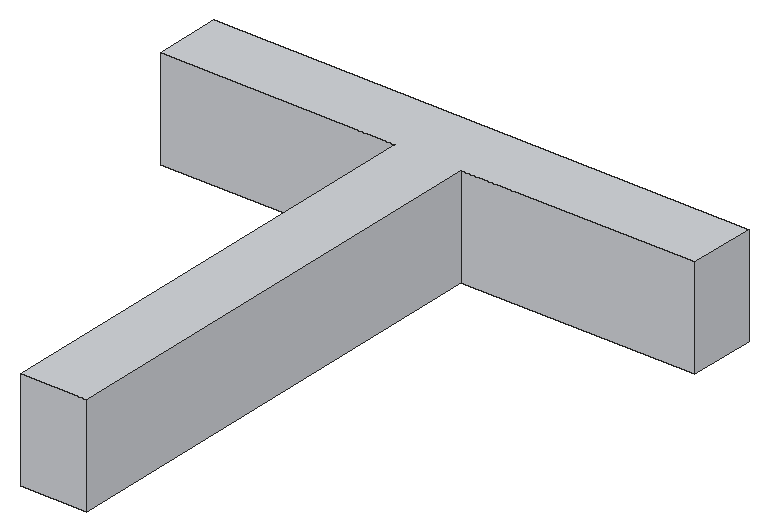
Revit family "設備サポート_T形", category Generic Models, host Face, Revit 2023
Family settings
  Host = Face
  Can host rebar = No
  Round Connector Dimension = Use Diameter
  Part Type = Normal
  Cut with Voids When Loaded = No
  Maintain Annotation Orientation = No
  Shared = No
  Room Calculation Point = No
Parameters
  高さ [instance] = 75 mm
  長さ1 [instance] = 400 mm
  端部からの長さ [instance] = 175 mm
  構造マテリアル [instance] = none
  Default Elevation = 0 mm
  長さ2 [instance] = 400 mm
  幅1 [instance] = 50 mm
Reference planes
  plane 1 "中心(正面/背面)": y = 0
  plane 2: z = 0
  plane 3 "中心(左/右)": x = 0
Forms (mm)
  Extrusion 1, solid, material <- "構造マテリアル"
    sketch origin (0, 0, 0) x (1, 0, 0) y (0, 1, 0)
      loop
        line (-200, 200) -> (-200, 150) -> (-25, 150) -> (-25, -200) -> (25, -200) -> (25, 150) -> (200, 150) -> (200, 200) -> (-200, 200)
    from 0 to 75
Lines and regions (mm)
  reference lines
    curve 1: line (200, 200, 0) -> (200, 150, 0)
    curve 2: line (-200, 200, 0) -> (200, 200, 0)
    curve 3: line (-200, 150, 0) -> (-25, 150, 0)
    curve 4: line (-200, 150, 0) -> (-200, 200, 0)
    curve 5: line (-25, 150, 0) -> (-25, -200, 0)
    curve 6: line (25, 150, 0) -> (25, -200, 0)
    curve 7: line (25, 150, 0) -> (200, 150, 0)
    curve 8: line (-25, -200, 0) -> (25, -200, 0)
    curve 9: line (-200, 0, 75) -> (200, 0, 75)
    curve 10: line (200, 0, 75) -> (25, 0, 75)
    curve 11: line (-25, 0, 75) -> (-200, 0, 75)
Dimensions and locks
  equal spacing: curve 2, plane 1 "中心(正面/背面)", curve 8
  equal spacing: curve 4, plane 3 "中心(左/右)", curve 1
  "長さ1": curve 8 to curve 2
  "高さ": curve 2 to curve 9
  "長さ2": curve 9 to curve 9
  equal spacing: curve 9, plane 3 "中心(左/右)", curve 9, locked at 200 each
  equal spacing: curve 2, plane 3 "中心(左/右)", curve 4
  "長さ2": curve 2 to curve 4
  "端部からの長さ": curve 7 to curve 8
  "端部からの長さ": curve 10 to curve 10
  curve 11 to curve 11 = 175 mm
  curve 5 to curve 4 = 175 mm
  "端部からの長さ": curve 4 to curve 5
  "幅1": Extrusion 1 to Extrusion 1  (x3)
  "長さ2": curve 4 to curve 1
  aligned and locked: plane 2 to host face
  aligned and locked: level to host face
  aligned and locked: Extrusion 1 to curve 1  (x4)
  aligned and locked: Extrusion 1 to curve 2  (x3)
  aligned and locked: Extrusion 1 to curve 3  (x2)
  aligned and locked: Extrusion 1 to curve 6  (x2)
  aligned and locked: Extrusion 1 to curve 5  (x2)
  aligned and locked: Extrusion 1 to curve 9
  aligned and locked: curve 2 to Extrusion 1
  aligned and locked: Extrusion 1 to curve 7
Automatic sketch dimensions
  host sketch curve to host sketch curve = 2438.4 mm  (x2)
  Extrusion 1 sketch curve to plane 3 "中心(左/右)" = 200 mm
  Extrusion 1 sketch curve to plane 3 "中心(左/右)" = 25 mm
  plane 3 "中心(左/右)" to Extrusion 1 sketch curve = 25 mm
  Extrusion 1 sketch curve to Extrusion 1 sketch curve = 175 mm
  plane 1 "中心(正面/背面)" to Extrusion 1 sketch curve = 200 mm
  Extrusion 1 sketch curve to plane 1 "中心(正面/背面)" = 150 mm
  Extrusion 1 sketch curve to Extrusion 1 sketch curve = 0 mm
  Extrusion 1 sketch curve to Extrusion 1 sketch curve = 50 mm
  plane 3 "中心(左/右)" to curve 8 = 25 mm
  plane 1 "中心(正面/背面)" to curve 8 = 200 mm
  curve 3 to plane 1 "中心(正面/背面)" = 150 mm
  curve 7 to curve 1 = 50 mm
  curve 11 to curve 9 = 0 mm
  curve 11 to curve 10 = 0 mm
